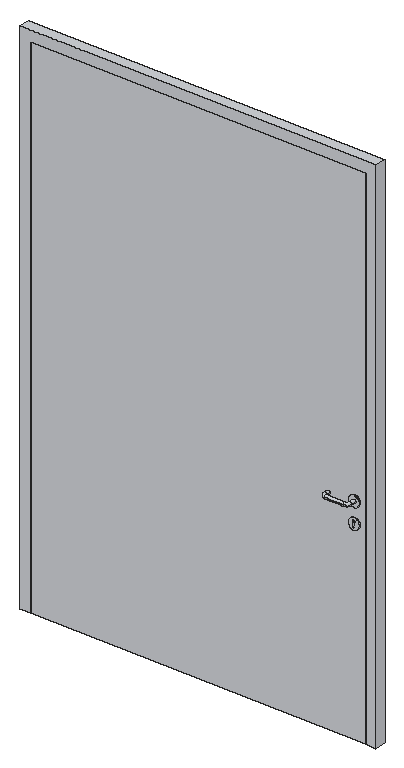
Revit family "CP.DR_1HI_Hinged Door", category Doors, Revit 2021
Family settings
  OmniClass Number = 23.25.20.14.11.11.17
  OmniClass Title = Infill Panels
  Always vertical = Yes
  Cut with Voids When Loaded = No
  Shared = No
  Room Calculation Point = Yes
Parameters (values of type "50_Off0_DS")
  YN_PanicBar = no
  YN_Opening_DoubleSide = yes
  YN_Handle_Internal = yes
  YN_Handle_External = yes
  Thickness = 0 mm  # constant formula
  TX_TypeCode = ""
  TX_Host [instance] = ""
  MA_Panel = none
  MA_Handle = none
  MA_Frame = none
  Function = Interior
  Description = "Porta a un'anta a battente va e vieni."
  Define Thermal Properties by = Schematic Type
  DI_Width_Rough [instance] = 1663.754 mm
  DI_Width_Clear [instance] = DI_Width  # 1563.754 mm
  DI_Width [instance] = DI_Width_Rough - (DI_Frame_Width * 2)  # 1563.754 mm
  DI_Panel_Width [instance] = DI_Width  # 1563.754 mm
  DI_Panel_Thickness = 50 mm
  DI_Panel_OffsetYC = 300 mm + DI_Panel_OffsetY  # 300 mm
  DI_Panel_OffsetY = 0 mm
  DI_Panel_Height [instance] = DI_Height  # 2388.4 mm
  DI_Opening_Angle = 90.00°
  DI_Height_Rough [instance] = 2438.4 mm
  DI_Height_Clear [instance] = DI_Height  # 2388.4 mm
  DI_Height [instance] = DI_Height_Rough - DI_Frame_Width  # 2388.4 mm
  DI_Handle_OffsetZ = 1000 mm
  DI_Handle_OffsetX = 50 mm
  DI_Frame_Width = 50 mm
  DI_Frame_Thickness = 50 mm
  DI_Angle = 0.00°
  Analytic Construction = "<None>"
Types (6, lengths in mm): name | YN_PanicBar | YN_Opening_DoubleSide | YN_Handle_Internal | Description | DI_Panel_OffsetYC | DI_Panel_OffsetY
  50_Off0_DS | no | yes | yes | "Porta a un'anta a battente va e vieni." | 300 | 0
  50_Off150_DS | no | yes | yes | "Porta a un'anta a battente va e vieni." | 450 | 150
  50_Off0_PB | yes | no | no | "Porta a un'anta a battente, con maniglione." | 300 | 0
  50_Off0 | no | no | yes | "Porta a un'anta a battente." | 300 | 0
  50_Off150 | no | no | yes | "Porta a un'anta a battente." | 450 | 150
  50_Off150_PB | yes | no | no | "Porta a un'anta a battente, con maniglione." | 450 | 150
Reference planes
  plane 1 "Front": y = 0
  plane 2: z = 0
  plane 3 "Center (Left/Right)": x = 0
  plane 4 "Left": x = -831.877
  plane 5 "Right": x = 831.877
  plane 6 "Top": z = 2438.4
  plane 7 "Front Panel": y = 0
  plane 8 "Back Panel": y = 50
  plane 9 "MidllePanel": y = 25
  plane 10 "Panel Right": x = 781.877
  plane 11 "Panel Left": x = -781.877
  plane 12 "Origin offset": y = -300
Lines and regions (mm)
  reference lines
    curve 1: line (-781.877, 50, 0) -> (-781.877, 690, 0)
    curve 2: line (-781.877, 0, 0) -> (-781.877, -640, 0)
    curve 3: line (-781.877, 50, 0) -> (-121.877, 50, 0)
Text (mm)
  text "Exterior" at (-1379.057, 797.241, 0), in view "Ref. Level"
  text "Exterior" at (12192, 1055.114, 2275.943), in view "Right"
  text "Exterior" at (-6096, 1468.734, 2687.031), in view "Left"
Dimensions and locks
  equal spacing: plane 4 "Left", plane 3 "Center (Left/Right)", plane 5 "Right"
  "DI_Panel_Thickness": plane 8 "Back Panel" to plane 7 "Front Panel"
  equal spacing: plane 8 "Back Panel", plane 9 "MidllePanel", plane 7 "Front Panel"
  "DI_Width_Rough": plane 4 "Left" to plane 5 "Right"
  "DI_Height_Rough": plane 2 to plane 6 "Top"
  "DI_Frame_Width": plane 10 "Panel Right" to plane 5 "Right"
  "DI_Frame_Width": plane 4 "Left" to plane 11 "Panel Left"
  locked: plane 1 "Front" to plane 12 "Origin offset" at 300
  "DI_Panel_OffsetYC": plane 7 "Front Panel" to plane 12 "Origin offset"
  "DI_Opening_Angle": angle plane 8 "Back Panel" to curve 1
  "DI_Opening_Angle": angle curve 2 to plane 7 "Front Panel"
  "DI_Angle": angle plane 8 "Back Panel" to curve 3
  aligned and locked: level to plane 2
  aligned and locked: plane 8 "Back Panel" to curve 1
  aligned and locked: plane 7 "Front Panel" to curve 2
  aligned and locked: plane 8 "Back Panel" to curve 3
  aligned and locked: plane 3 "Center (Left/Right)" to nested 7
  aligned and locked: plane 11 "Panel Left" to curve 3
  aligned and locked: plane 11 "Panel Left" to curve 1
  aligned and locked: plane 11 "Panel Left" to curve 2
  aligned and locked: nested 7 to plane 9 "MidllePanel"
Nested families
  nested 1: "DR.PN_Hinged Panel" at (-931.877, 831.877, 0) x (0, 1, 0) z (0, 0, 1), DI_Panel_Thickness <- "DI_Panel_Thickness", DI_Panel_Width <- "DI_Panel_Width", DI_Panel_Height <- "DI_Panel_Height", type "Hinged_Projection"
    with YN_Opening_DoubleSide no, Thickness 0 mm, MA_Panel none, DI_Panel_Width 1563.754 mm, DI_Panel_Thickness 50 mm, DI_Panel_OffsetY 0 mm, DI_Panel_Height 2388.4 mm, DI_Opening_Projection_Angle 90.00°
  nested 2: "DR.PN_Hinged Panel" at (0, 200, 0), DI_Opening_Projection_Angle <- "DI_Opening_Angle", DI_Panel_Height <- "DI_Panel_Height", DI_Panel_Thickness <- "DI_Panel_Thickness", DI_Panel_Width <- "DI_Panel_Width", MA_Panel <- "MA_Panel", YN_Opening_DoubleSide <- "YN_Opening_DoubleSide", type "Hinged"
    with YN_Opening_DoubleSide yes, Thickness 0 mm, MA_Panel none, DI_Panel_Width 1563.754 mm, DI_Panel_Thickness 50 mm, DI_Panel_OffsetY 0 mm, DI_Panel_Height 2388.4 mm, DI_Opening_Projection_Angle 90.00°
  nested 3: "DR.PN_Hinged Panel" at (-631.877, -781.877, 0) x (0, -1, 0) z (0, 0, 1), DI_Panel_Height <- "DI_Panel_Height", DI_Panel_Thickness <- "DI_Panel_Thickness", DI_Panel_Width <- "DI_Panel_Width", visible <- "YN_Opening_DoubleSide", DI_Panel_OffsetY <- "DI_Panel_Thickness", type "Hinged_Projection"
    with YN_Opening_DoubleSide no, Thickness 0 mm, MA_Panel none, DI_Panel_Width 1563.754 mm, DI_Panel_Thickness 50 mm, DI_Panel_OffsetY 50 mm, DI_Panel_Height 2388.4 mm, DI_Opening_Projection_Angle 45.00°
  nested 4: "DR.HA_Handle_DlineU_HW" at (-643.483, 0, 0) x (0, -1, 0) z (0, 0, 1), DI_Panel_Height <- "DI_Panel_Height", DI_Panel_OffsetY <- "DI_Panel_Thickness", DI_Panel_Thickness <- "DI_Panel_Thickness", DI_Panel_Width <- "DI_Panel_Width", YN_Handle_External <- "YN_Handle_External", YN_Handle_Internal <- "YN_Handle_Internal", DI_Handle_OffsetX <- "DI_Handle_OffsetX", visible <- "YN_Opening_DoubleSide", type "Projection"
    with YN_Opening_Pivot no, YN_Handle_Internal yes, YN_Handle_External yes, MA_Handle none, DI_Panel_Width 1563.754 mm, DI_Panel_Thickness 50 mm, DI_Panel_OffsetYC 50 mm, DI_Panel_OffsetY 50 mm, DI_Panel_Height 2388.4 mm, DI_Handle_OffsetZ 1000 mm, DI_Handle_OffsetX 50 mm
  nested 5: "DR.HA_Handle_DlineU_HW" at (-920.271, 50, 0) x (0, 1, 0) z (0, 0, 1), DI_Panel_Thickness <- "DI_Panel_Thickness", DI_Panel_Width <- "DI_Panel_Width", DI_Panel_Height <- "DI_Panel_Height", YN_Handle_External <- "YN_Handle_External", YN_Handle_Internal <- "YN_Handle_Internal", DI_Handle_OffsetX <- "DI_Handle_OffsetX", type "Projection"
    with YN_Opening_Pivot no, YN_Handle_Internal yes, YN_Handle_External yes, MA_Handle none, DI_Panel_Width 1563.754 mm, DI_Panel_Thickness 50 mm, DI_Panel_OffsetYC 0 mm, DI_Panel_OffsetY 0 mm, DI_Panel_Height 2388.4 mm, DI_Handle_OffsetZ 1000 mm, DI_Handle_OffsetX 50 mm
  nested 6: "DR.HA_Handle_DlineU_HW" at (-781.877, 188.394, 0), DI_Panel_Height <- "DI_Panel_Height", DI_Panel_Thickness <- "DI_Panel_Thickness", DI_Panel_Width <- "DI_Panel_Width", YN_Handle_External <- "YN_Handle_External", YN_Handle_Internal <- "YN_Handle_Internal", DI_Handle_OffsetZ <- "DI_Handle_OffsetZ", DI_Handle_OffsetX <- "DI_Handle_OffsetX", MA_Handle <- "MA_Handle", type "Cut"
    with YN_Opening_Pivot no, YN_Handle_Internal yes, YN_Handle_External yes, MA_Handle none, DI_Panel_Width 1563.754 mm, DI_Panel_Thickness 50 mm, DI_Panel_OffsetYC 0 mm, DI_Panel_OffsetY 0 mm, DI_Panel_Height 2388.4 mm, DI_Handle_OffsetZ 1000 mm, DI_Handle_OffsetX 50 mm
  nested 7: "DR.FR_Generic Frame" at (0, 25, 0), DI_Width <- "DI_Width_Rough", DI_Height <- "DI_Height_Rough", DI_Frame_Width <- "DI_Frame_Width", DI_Frame_Thickness <- "DI_Frame_Thickness", MA_Frame <- "MA_Frame", type "0"
    with built-in parameter 1001301 0 mm, Thickness 0 mm, MA_Frame none, built-in parameter 1001300 0 mm, DI_Width 1663.754 mm, DI_Height 2438.4 mm, DI_Frame_Width 50 mm, DI_Frame_Thickness 50 mm
  nested 8: "DR.HA_Handle_Panicbar_HW" at (-853.374, 50, 0) x (0, 1, 0) z (0, 0, 1), DI_Panel_Thickness <- "DI_Panel_Thickness", DI_Panel_Width <- "DI_Panel_Width", YN_Handle_Internal <- "YN_PanicBar", type "Projection"
    with YN_Handle_Internal no, YN_Handle_External no, MA_Handle none, DI_Panel_Width 1563.754 mm, DI_Panel_Thickness 50 mm, DI_Panel_OffsetYC 0 mm, DI_Panel_OffsetY 0 mm, DI_Handle_OffsetZ 1000 mm, DI_Handle_OffsetX 781.877 mm
  nested 9: "DR.HA_Handle_Panicbar_HW" at (-781.877, 121.497, 0), DI_Panel_Thickness <- "DI_Panel_Thickness", DI_Panel_Width <- "DI_Panel_Width", DI_Handle_OffsetZ <- "DI_Handle_OffsetZ", YN_Handle_Internal <- "YN_PanicBar", type "Cut"
    with YN_Handle_Internal no, YN_Handle_External no, MA_Handle none, DI_Panel_Width 1563.754 mm, DI_Panel_Thickness 50 mm, DI_Panel_OffsetYC 0 mm, DI_Panel_OffsetY 0 mm, DI_Handle_OffsetZ 1000 mm, DI_Handle_OffsetX 781.877 mm
  nested 10: "DR.HA_Handle_Panicbar_HW" at (-710.38, 0, 0) x (0, -1, 0) z (0, 0, 1), DI_Panel_Thickness <- "DI_Panel_Thickness", DI_Panel_Width <- "DI_Panel_Width", visible <- "YN_Opening_DoubleSide", DI_Panel_OffsetY <- "DI_Panel_Thickness", YN_Handle_Internal <- "YN_PanicBar", type "Projection"
    with YN_Handle_Internal no, YN_Handle_External no, MA_Handle none, DI_Panel_Width 1563.754 mm, DI_Panel_Thickness 50 mm, DI_Panel_OffsetYC 50 mm, DI_Panel_OffsetY 50 mm, DI_Handle_OffsetZ 1000 mm, DI_Handle_OffsetX 781.877 mm
Definition of nested family "DR.PN_Hinged Panel"
  Parameters (values of type "HingedVasistas")
    YN_Swing = not(YN_Panel_Projection)  # yes
    YN_Panel_Projection = no
    YN_Panel = not(YN_Panel_Projection)  # yes
    YN_Opening_Vasistas = yes
    YN_Opening_DoubleSide [instance] = no
    YN_3D = not(YN_Panel_Projection)  # yes
    Width = 0 mm  # constant formula
    Thickness [instance] = 0 mm  # constant formula
    Rough Width = 0 mm  # constant formula
    Rough Height = 0 mm  # constant formula
    MA_Panel [instance] = none
    Height = 0 mm  # constant formula
    Define Thermal Properties by = 1
    Default Elevation = 0 mm  # constant formula
    DI_Panel_Width [instance] = 1000 mm
    DI_Panel_Thickness [instance] = 100 mm
    DI_Panel_OffsetY [instance] = 0 mm
    DI_Panel_Height [instance] = 2100 mm
    DI_Opening_Projection_Angle [instance] = 60.00°
    Analytic Construction = "<None>"
  Types (3, lengths in mm): name | YN_Swing | YN_Panel_Projection | YN_Panel | YN_Opening_Vasistas | YN_3D | DI_Panel_Width | DI_Opening_Projection_Angle
    Hinged | yes | no | yes | no | yes | 800 | 90.00°
    HingedVasistas | yes | no | yes | yes | yes | 1000 | 60.00°
    Hinged_Projection | no | yes | no | no | no | 800 | 45.00°
  Reference planes
    plane 1 "Center (Front/Back)": y = -200
    plane 2: z = 0
    plane 3 "Center (Left/Right)": x = 0
    plane 4 "Left": x = -500
    plane 5 "Right": x = 500
    plane 6 "FrontPanel": y = -250
    plane 7 "Top": z = 2100
    plane 8: z = 1050
    plane 9 "BackPanel": y = -150
    plane 10 "SwingVasistas": y = -400
    plane 11: y = -150
  Forms (mm)
    Extrusion 1, solid, material <- "MA_Panel", visible <- "YN_3D"
      sketch origin (1340, 700, 0) x (1, 0, 0) y (0, 1, 0)
        loop
          line (-1840, -950) -> (-840, -950) -> (-840, -850) -> (-1840, -850) -> (-1840, -950)
      from 0 to 2100
  Lines and regions (mm)
    Masking region 1, visible <- "YN_Panel"
      outline origin (0, 0, 0) x (1, 0, 0) y (0, 1, 0)
        loop
          line (-500, -250) -> (500, -250) -> (500, -150) -> (-500, -150) -> (-500, -250)
    Masking region 2, visible <- "YN_Opening_Vasistas"
      outline origin (0, 0, 0) x (1, 0, 0) y (0, 1, 0)
        loop
          line (-500, -250) -> (500, -250) -> (500, -150) -> (-500, -150) -> (-500, -250)
    reference lines
      curve 1: line (-500, -150, 0) -> (-100, 542.82, 0)
      curve 10: line (-500, -250, 0) -> (-95, -951.481, 0)
    model lines, visible <- "YN_Opening_Vasistas"
      curve 2: line (-500, -150, 0) -> (0, -150, 2100)
      curve 3: line (0, -150, 2100) -> (500, -150, 0)
      curve 4: line (-500, -250, 0) -> (0, -250, 2100)
      curve 5: line (0, -250, 2100) -> (500, -250, 0)
      curve 19: line (-500, -250, 0) -> (0, -250, 2100)
      curve 20: line (0, -250, 2100) -> (500, -250, 0)
      curve 24: line (-500, -250, 0) -> (500, -250, 0)
      curve 25: line (-500, -400, 0) -> (-500, -250, 0)
      curve 26: line (500, -400, 0) -> (-500, -400, 0)
      curve 27: line (500, -250, 0) -> (500, -400, 0)
      curve 28: line (-500, -250, 0) -> (0, -400, 0)
      curve 29: line (0, -400, 0) -> (500, -250, 0)
    model lines, visible <- "YN_Panel"
      curve 6: line (-500, -250, 2100) -> (500, -250, 1050)
      curve 7: line (-500, -250, 0) -> (500, -250, 1050)
    model lines, visible <- "YN_Swing"
      curve 8: line (-500, -150, 2100) -> (500, -150, 1050)
      curve 9: line (500, -150, 1050) -> (-500, -150, 0)
      curve 21: line (-500, -250, 2100) -> (500, -250, 1050)
      curve 22: line (500, -250, 1050) -> (-500, -250, 0)
    symbolic lines, visible <- "YN_Swing"
      curve 11: line (-500, -150, 0) -> (0, 716.025, 0)
      curve 13: arc (500, -150, 0) -> (366.025, 350, 0) -> (0, 716.025, 0) r 1000
    symbolic lines, visible <- "YN_Opening_DoubleSide"
      curve 12: line (-500, -250, 0) -> (0, -1116.025, 0)
      curve 14: arc (500, -250, 0) -> (366.025, -750, 0) -> (0, -1116.025, 0) r 1000
    symbolic lines, visible <- "YN_Panel_Projection", detail levels medium+fine
      curve 15: line (-500, -250, 0) -> (-500, -150, 0)
      curve 16: line (500, -150, 0) -> (500, -250, 0)
      curve 18: line (-500, -250, 0) -> (500, -250, 0)
    symbolic lines, visible <- "YN_Panel_Projection"
      curve 17: line (-500, -150, 0) -> (500, -150, 0)
      curve 23: line (-500, -250, 0) -> (500, -250, 0)
  Dimensions and locks
    "DI_Panel_Width": plane 4 "Left" to plane 5 "Right"
    equal spacing: plane 4 "Left", plane 3 "Center (Left/Right)", plane 5 "Right"
    "DI_Panel_Thickness": plane 6 "FrontPanel" to plane 9 "BackPanel"
    "DI_Panel_Height": plane 7 "Top" to plane 2
    equal spacing: plane 7 "Top", plane 8, plane 2
    equal spacing: plane 6 "FrontPanel", plane 1 "Center (Front/Back)", plane 9 "BackPanel"
    locked: plane 6 "FrontPanel" to plane 10 "SwingVasistas" at 150
    "DI_Panel_OffsetY": plane 11 to plane 9 "BackPanel"
    "DI_Opening_Projection_Angle": angle plane 9 "BackPanel" to curve 1
    "DI_Opening_Projection_Angle": angle curve 10 to plane 6 "FrontPanel"
    aligned and locked: level to plane 2
    aligned and locked: plane 4 "Left" to curve 1
    aligned and locked: plane 9 "BackPanel" to curve 1
    aligned and locked: plane 4 "Left" to Masking region 1
    aligned and locked: plane 9 "BackPanel" to Masking region 1
    aligned and locked: plane 5 "Right" to Masking region 1
    aligned and locked: Masking region 1 to plane 6 "FrontPanel"
    aligned and locked: Masking region 2 sketch curve to plane 4 "Left"
    aligned and locked: Masking region 2 sketch curve to plane 9 "BackPanel"
    aligned and locked: Masking region 2 sketch curve to plane 6 "FrontPanel"
    aligned and locked: plane 5 "Right" to Masking region 2 sketch curve
    aligned and locked: plane 4 "Left" to Extrusion 1
    aligned and locked: plane 9 "BackPanel" to Extrusion 1
    aligned and locked: plane 5 "Right" to Extrusion 1
    aligned and locked: Extrusion 1 to plane 6 "FrontPanel"
    aligned and locked: plane 7 "Top" to Extrusion 1
    aligned and locked: plane 6 "FrontPanel" to curve 10
    aligned and locked: plane 4 "Left" to curve 10
    aligned and locked: curve 11 to curve 1
    aligned and locked: curve 12 to curve 10
    aligned and locked: curve 13 to curve 1
    aligned and locked: curve 17 to plane 9 "BackPanel"
    aligned and locked: curve 24 to plane 6 "FrontPanel"
    aligned and locked: curve 25 to plane 4 "Left"
    aligned and locked: curve 26 to plane 10 "SwingVasistas"
    aligned and locked: curve 27 to plane 5 "Right"
  Automatic sketch dimensions
    curve 6 to plane 5 "Right" = 0 mm
    curve 5 to level = 0 mm
    curve 5 to plane 5 "Right" = 0 mm
    curve 5 to plane 3 "Center (Left/Right)" = 0 mm
    curve 7 to level = 0 mm
    plane 4 "Left" to curve 7 = 0 mm
    plane 4 "Left" to curve 6 = 0 mm
    curve 6 to plane 8 = 0 mm
    curve 6 to plane 7 "Top" = 0 mm
    curve 5 to plane 7 "Top" = 0 mm
    curve 8 to plane 5 "Right" = 0 mm
    curve 3 to level = 0 mm
    curve 3 to plane 5 "Right" = 0 mm
    curve 3 to plane 3 "Center (Left/Right)" = 0 mm
    plane 4 "Left" to curve 8 = 0 mm
    curve 9 to level = 0 mm
    plane 4 "Left" to curve 9 = 0 mm
    curve 8 to plane 8 = 0 mm
    curve 8 to plane 7 "Top" = 0 mm
    curve 3 to plane 7 "Top" = 0 mm
    Masking region 1 sketch curve to plane 4 "Left" = 0 mm
    Masking region 1 sketch curve to plane 5 "Right" = 0 mm
    Masking region 1 sketch curve to plane 6 "FrontPanel" = 0 mm
    Masking region 1 sketch curve to plane 9 "BackPanel" = 0 mm
    Extrusion 1 sketch curve to plane 4 "Left" = 0 mm
    Extrusion 1 sketch curve to plane 5 "Right" = 0 mm
    Extrusion 1 sketch curve to plane 6 "FrontPanel" = 0 mm
    Extrusion 1 sketch curve to plane 9 "BackPanel" = 0 mm
    curve 13 to plane 4 "Left" = 0 mm
    curve 14 to plane 4 "Left" = 0 mm
    curve 28 to plane 3 "Center (Left/Right)" = 0 mm
    curve 21 to plane 5 "Right" = 0 mm
    curve 20 to level = 0 mm
    curve 20 to plane 5 "Right" = 0 mm
    curve 20 to plane 3 "Center (Left/Right)" = 0 mm
    plane 4 "Left" to curve 21 = 0 mm
    curve 22 to level = 0 mm
    plane 4 "Left" to curve 22 = 0 mm
    curve 21 to plane 8 = 0 mm
    curve 21 to plane 7 "Top" = 0 mm
    curve 20 to plane 7 "Top" = 0 mm
Definition of nested family "DR.HA_Handle_DlineU_HW"
  Parameters (values of type "Cut")
    YN_Opening_Pivot [instance] = no
    YN_Handle_Internal [instance] = yes
    YN_Handle_External [instance] = yes
    MA_Handle [instance] = none
    Handle = DR.HA_Handle_DlineU : Cut
    Define Thermal Properties by = 1
    Default Elevation = 0 mm  # constant formula
    DI_Panel_Width [instance] = 900 mm
    DI_Panel_Thickness [instance] = 40 mm
    DI_Panel_OffsetYC [instance] = if(YN_Opening_Pivot, (DI_Panel_Thickness / 2), DI_Panel_OffsetY)  # 0 mm
    DI_Panel_OffsetY [instance] = 0 mm
    DI_Panel_Height [instance] = 2148.093 mm
    DI_Handle_OffsetZ [instance] = 1000 mm
    DI_Handle_OffsetX [instance] = 50 mm
    Analytic Construction = "<None>"
  Types (2, lengths in mm): name | YN_Opening_Pivot | Handle | DI_Panel_OffsetYC
    Projection | yes | DR.HA_Handle_DlineU : Projection | 20
    Cut | no | DR.HA_Handle_DlineU : Cut | 0
  Reference planes
    plane 1 "Panel_Ext": y = -138.394
    plane 2: z = 0
    plane 3 "Center (Left/Right)": x = 0
    plane 4 "Panel_Int": y = -178.394
    plane 5: z = 1000
    plane 6: x = 900
    plane 7: x = 850
    plane 8: z = 2148.093
    plane 9 "Origin": y = -138.394
  Lines and regions (mm)
    symbolic lines, detail levels coarse
      curve 1: line (0, -178.394, 0) -> (0, -138.394, 0)
  Dimensions and locks
    "DI_Panel_Thickness": plane 4 "Panel_Int" to plane 1 "Panel_Ext"
    "DI_Handle_OffsetZ": plane 2 to plane 5
    "DI_Panel_Width": plane 6 to plane 3 "Center (Left/Right)"
    "DI_Handle_OffsetX": plane 6 to plane 7
    "DI_Panel_Height": plane 8 to level
    "DI_Panel_OffsetYC": plane 9 "Origin" to plane 1 "Panel_Ext"
    aligned and locked: plane 2 to level
    aligned and locked: plane 7 to nested 2
    aligned and locked: nested 1 to plane 7
    aligned and locked: plane 4 "Panel_Int" to nested 1
    aligned and locked: plane 1 "Panel_Ext" to nested 2
  Automatic sketch dimensions
    plane 1 "Panel_Ext" to curve 1 = 0 mm
    curve 1 to plane 3 "Center (Left/Right)" = 0 mm
    plane 4 "Panel_Int" to curve 1 = 0 mm
  Nested families
    nested 1: "DR.HA_Handle_DlineU" at (850, -178.394, 1000), built-in parameter 1001364 <- "DI_Handle_OffsetZ", visible <- "YN_Handle_Internal", MA_Handle <- "MA_Handle", type <- "Handle", type "Cut"
      with MA_Handle none
    nested 2: "DR.HA_Handle_DlineU" at (850, -138.394, 1000), built-in parameter 1001364 <- "DI_Handle_OffsetZ", visible <- "YN_Handle_External", MA_Handle <- "MA_Handle", type <- "Handle", type "Cut"
      with MA_Handle none
  Definition of nested family "DR.HA_Handle_DlineU"
    Parameters (values of type "Cut")
      YN_Graphics_Projection = no
      YN_Graphics_Cut = yes
      YN_3D = yes
      MA_Handle [instance] = none
      Define Thermal Properties by = 1
      Default Elevation = 0 mm  # constant formula
      Analytic Construction = "<None>"
    Types (2, lengths in mm): name | YN_Graphics_Projection | YN_Graphics_Cut | YN_3D
      Cut | no | yes | yes
      Projection | yes | no | no
    Reference planes
      plane 1 "Center (Front/Back)": y = 0
      plane 2: z = 0
      plane 3 "Center (Left/Right)": x = 0
    Forms (mm)
      Extrusion 1, solid, material <- "MA_Handle", visible <- "YN_3D"
        sketch origin (-0.15, 0, 0) x (1, 0, 0) y (0, 0, 1)
          loop
            circle (0, 0) r 25
        from 0 to 4
      Extrusion 2, solid, material <- "MA_Handle", visible <- "YN_3D", detail levels medium+fine
        sketch origin (-0.15, 0, -194.519) x (1, 0, 0) y (0, 0, 1)
          loop
            circle (0, 99.519) r 25
        from 0 to 4
      Extrusion 3, void, detail levels medium+fine
        sketch origin (-0.15, -15, 0) x (1, 0, 0) y (0, 0, 1)
          loop
            line (-3.787, -93.841) -> (-3.787, -107.646)
            arc (-3.787, -107.646) -> (0, -111.433) -> (3.787, -107.646) r 3.787
            line (3.787, -107.646) -> (3.787, -94.007)
            arc (3.787, -94.007) -> (0.321, -79.308) -> (-3.787, -93.841) r 7.8
        from -15 to 0
      Sweep 4, solid, material <- "MA_Handle", visible <- "YN_3D"
        path origin (0, 0, 0) x (1, 0, 0) y (0, 1, 0)
          loop
            line (-116, -10) -> (-116, -28)
            arc (-116, -28) -> (-111.899, -37.899) -> (-102, -42) r 14
            line (-102, -42) -> (-14, -42)
            arc (-14, -42) -> (-4.101, -37.899) -> (0, -28) r 14
            line (0, -28) -> (0, 0)
        profile origin (-58, -42, 0) x (0, 1, 0) y (0, 0, 1)
          loop
            circle (0, 0) r 7
    Cuts and joins
      Extrusion 3 cuts Extrusion 2
      joined: Extrusion 1, Sweep 4
    Lines and regions (mm)
      Masking region 1, visible <- "YN_Graphics_Cut"
        outline origin (0, 0, 0) x (1, 0, 0) y (0, 1, 0)
          loop
            line (-25.15, 0) -> (-25.15, -4) -> (-7, -4) -> (-7, -27.995)
            arc (-7, -27.995) -> (-9.05, -32.945) -> (-14, -34.995) r 7
            line (-14, -34.995) -> (-102, -34.995)
            arc (-102, -34.995) -> (-106.95, -32.945) -> (-109, -27.995) r 7
            line (-109, -27.995) -> (-109, -10) -> (-123, -10) -> (-123, -28.195)
            arc (-123, -28.195) -> (-116.908, -42.903) -> (-102.2, -48.995) r 20.8
            line (-102.2, -48.995) -> (-13.8, -48.995)
            arc (-13.8, -48.995) -> (0.908, -42.903) -> (7, -28.195) r 20.8
            line (7, -28.195) -> (7, -4) -> (24.85, -4) -> (24.85, 0) -> (-25.15, 0)
      symbolic lines, visible <- "YN_Graphics_Projection", detail levels medium+fine
        curve 1: line (-25.15, 0, 0) -> (24.85, 0, 0)
        curve 2: line (-25.15, -4, 0) -> (-7, -4, 0)
        curve 3: line (-25.15, -4, 0) -> (-25.15, 0, 0)
        curve 4: line (24.85, -4, 0) -> (24.85, 0, 0)
        curve 5: line (-102, -34.995, 0) -> (-14, -34.995, 0)
        curve 6: line (-7, -27.995, 0) -> (-7, -4, 0)
        curve 7: line (7, -28.195, 0) -> (7, -4, 0)
        curve 8: line (-13.8, -48.995, 0) -> (-102.2, -48.995, 0)
        curve 9: line (7, -4, 0) -> (24.85, -4, 0)
        curve 10: line (-123, -10, 0) -> (-109, -10, 0)
        curve 11: line (-109, -27.995, 0) -> (-109, -10, 0)
        curve 12: line (-123, -10, 0) -> (-123, -28.195, 0)
        curve 13: arc (-14, -34.995, 0) -> (-9.05, -32.945, 0) -> (-7, -27.995, 0) r 7
        curve 14: arc (7, -28.195, 0) -> (0.908, -42.903, 0) -> (-13.8, -48.995, 0) r 20.8
        curve 15: arc (-102, -34.995, 0) -> (-106.95, -32.945, 0) -> (-109, -27.995, 0) r 7
        curve 16: arc (-123, -28.195, 0) -> (-116.908, -42.903, 0) -> (-102.2, -48.995, 0) r 20.8
      symbolic lines, visible <- "YN_Graphics_Cut", detail levels medium+fine
        curve 17: line (-7, -4, 0) -> (7, -4, 0)
    Dimensions and locks
      Masking region 1 to Masking region 1 = 50 mm
      aligned and locked: plane 2 to level
      aligned and locked: cut or joined group of Extrusion 2, Extrusion 3 to Sweep 4 sketch curve
Definition of nested family "DR.FR_Generic Frame"
  Parameters (values of type "0")
    Width [instance] = 0 mm  # constant formula
    Thickness [instance] = 0 mm  # constant formula
    MA_Frame [instance] = none
    Height [instance] = 0 mm  # constant formula
    Define Thermal Properties by = 1
    Default Elevation = 0 mm
    DI_Width [instance] = 1200 mm
    DI_Height [instance] = 2100 mm
    DI_Frame_Width [instance] = 80 mm
    DI_Frame_Thickness [instance] = 150 mm
    Analytic Construction = "<None>"
  Reference planes
    plane 1 "Center (Front/Back)": y = 0
    plane 2: z = 0
    plane 3 "Center (Left/Right)": x = 0
    plane 4 "Left": x = -600
    plane 5 "Right": x = 600
    plane 6 "FrontFrame": y = -75
    plane 7 "Top": z = 2100
    plane 8: z = 1050
    plane 9: x = -520
    plane 10: x = 520
    plane 11 "BackFrame": y = 75
  Forms (mm)
    Sweep 1, solid, material <- "MA_Frame"
      path origin (0, -75, 0) x (-1, 0, 0) y (0, 0, 1)
        loop
          line (600, 0) -> (600, 2100) -> (-600, 2100) -> (-600, 0)
      profile origin (-600, -75, 1050) x (1, 0, 0) y (0, 1, 0)
        loop
          line (80, 150) -> (0, 150) -> (0, 0) -> (80, 0) -> (80, 150)
  Lines and regions (mm)
    Masking region 1
      outline origin (0, 0, 0) x (1, 0, 0) y (0, 1, 0)
        loop
          line (-600, -75) -> (-520, -75) -> (-520, 75) -> (-600, 75) -> (-600, -75)
    Masking region 2
      outline origin (0, 0, 0) x (1, 0, 0) y (0, 1, 0)
        loop
          line (600, -75) -> (600, 75) -> (520, 75) -> (520, -75) -> (600, -75)
  Dimensions and locks
    "DI_Width": plane 4 "Left" to plane 5 "Right"
    equal spacing: plane 4 "Left", plane 3 "Center (Left/Right)", plane 5 "Right"
    "DI_Frame_Thickness": plane 6 "FrontFrame" to plane 11 "BackFrame"
    "DI_Height": plane 7 "Top" to plane 2
    equal spacing: plane 7 "Top", plane 8, plane 2
    "DI_Frame_Width": plane 4 "Left" to plane 9
    "DI_Frame_Width": plane 10 to plane 5 "Right"
    equal spacing: plane 6 "FrontFrame", plane 1 "Center (Front/Back)", plane 11 "BackFrame"
    aligned and locked: level to plane 2
    aligned and locked: plane 4 "Left" to Sweep 1 sketch curve
    aligned and locked: plane 7 "Top" to Sweep 1 sketch curve
    aligned and locked: Sweep 1 sketch curve to plane 5 "Right"
    aligned and locked: plane 2 to Sweep 1 sketch curve  (x2)
    aligned and locked: Sweep 1 sketch curve to plane 9
    aligned and locked: Sweep 1 sketch curve to plane 6 "FrontFrame"
    aligned and locked: Sweep 1 sketch curve to plane 4 "Left"
    aligned and locked: Masking region 1 sketch curve to plane 4 "Left"
    aligned and locked: Masking region 1 sketch curve to plane 9
    aligned and locked: Masking region 1 sketch curve to plane 6 "FrontFrame"
    aligned and locked: plane 5 "Right" to Masking region 2 sketch curve
    aligned and locked: Masking region 2 sketch curve to plane 10
    aligned and locked: Masking region 2 sketch curve to plane 6 "FrontFrame"
    aligned and locked: plane 11 "BackFrame" to Masking region 1
    aligned and locked: plane 11 "BackFrame" to Masking region 2
    aligned and locked: plane 11 "BackFrame" to Sweep 1 sketch curve
  Automatic sketch dimensions
    Masking region 1 sketch curve to plane 1 "Center (Front/Back)" = 75 mm
    Masking region 2 sketch curve to plane 1 "Center (Front/Back)" = 75 mm
Definition of nested family "DR.HA_Handle_Panicbar_HW"
  Parameters (values of type "Projection")
    YN_Opening_Pivot = no
    YN_Handle_Internal [instance] = yes
    YN_Handle_External [instance] = no
    MA_Handle [instance] = none
    Handle = DR.HA_Handle_Panicbar : Projection
    Define Thermal Properties by = 1
    Default Elevation = 0 mm  # constant formula
    DI_Panel_Width [instance] = 900 mm
    DI_Panel_Thickness [instance] = 40 mm
    DI_Panel_OffsetYC [instance] = if(YN_Opening_Pivot, (DI_Panel_Thickness / 2), DI_Panel_OffsetY)  # 0 mm
    DI_Panel_OffsetY [instance] = 0 mm
    DI_Handle_OffsetZ [instance] = 1000 mm
    DI_Handle_OffsetX [instance] = DI_Panel_Width / 2  # 450 mm
    Analytic Construction = "<None>"
  Types (2, lengths in mm): name | Handle | DI_Panel_Width | DI_Handle_OffsetX
    Projection | DR.HA_Handle_Panicbar : Projection | 900 | 450
    Cut | DR.HA_Handle_Panicbar : Cut | 800 | 400
  Reference planes
    plane 1 "Panel_Ext": y = -71.497
    plane 2: z = 0
    plane 3 "Center (Left/Right)": x = 0
    plane 4 "Panel_Int": y = -111.497
    plane 5: z = 1000
    plane 6: x = 900
    plane 7: x = 450
    plane 8 "Origin": y = -71.497
  Lines and regions (mm)
    symbolic lines, detail levels coarse
      curve 1: line (0, -111.497, 0) -> (0, -71.497, 0)
  Dimensions and locks
    "DI_Panel_Thickness": plane 4 "Panel_Int" to plane 1 "Panel_Ext"
    "DI_Handle_OffsetZ": plane 2 to plane 5
    "DI_Panel_Width": plane 6 to plane 3 "Center (Left/Right)"
    "DI_Handle_OffsetX": plane 6 to plane 7
    "DI_Panel_OffsetYC": plane 1 "Panel_Ext" to plane 8 "Origin"
    aligned and locked: plane 2 to level
    aligned and locked: plane 4 "Panel_Int" to nested 1
    aligned and locked: nested 1 to plane 7
  Automatic sketch dimensions
    plane 1 "Panel_Ext" to curve 1 = 0 mm
    curve 1 to plane 3 "Center (Left/Right)" = 0 mm
    plane 4 "Panel_Int" to curve 1 = 0 mm
  Nested families
    nested 1: "DR.HA_Handle_Panicbar" at (450, -111.497, 1000), visible <- "YN_Handle_Internal", built-in parameter 1001364 <- "DI_Handle_OffsetZ", type <- "Handle", DI_Width <- "DI_Panel_Width", type "Projection"
      with DI_Width 900 mm
  Definition of nested family "DR.HA_Handle_Panicbar"
    Parameters (values of type "Cut")
      YN_Graphics_Projection = no
      YN_Graphics_Cut = yes
      YN_3D = yes
      Width = 0 mm  # constant formula
      Thickness = 0 mm  # constant formula
      Rough Width = 0 mm  # constant formula
      Rough Height = 0 mm  # constant formula
      MA_Material = none
      Height = 0 mm  # constant formula
      Define Thermal Properties by = 1
      Default Elevation = 0 mm
      DI_Width [instance] = 1000 mm
      Analytic Construction = "<None>"
    Types (3, lengths in mm): name | YN_Graphics_Projection | YN_Graphics_Cut | YN_3D
      (no name) | no | yes | yes
      Cut | no | yes | yes
      Projection | yes | no | no
    Reference planes
      plane 1 "Center (Front/Back)": y = 0
      plane 2: z = 0
      plane 3 "Center (Left/Right)": x = 0
      plane 4: x = -445
      plane 5: x = 445
      plane 6: y = -80
      plane 7: x = -495
      plane 8: x = 495
      plane 9: y = -55
      plane 10: y = -52
      plane 11: z = 155.5
      plane 12: z = -25
      plane 13: z = 7.5
      plane 14 "Panel Left": x = -500
      plane 15 "Panel Right": x = 500
      plane 16: x = 451
      plane 17: x = -451
    Forms (mm)
      Extrusion 1, solid, material <- "MA_Material", visible <- "YN_3D"
        sketch origin (0, 0, 12.5) x (0, 1, 0) y (0, 0, 1)
          loop
            circle (-67.5, -25) r 12.5
        from -451 to 451
      Extrusion 2, solid, material <- "MA_Material", visible <- "YN_3D"
        sketch origin (-495, 0, 0) x (0, 1, 0) y (0, 0, 1)
          loop
            line (0, 155.5) -> (-36, 155.5)
            arc (-36, 155.5) -> (-52, 81.5) -> (-36, 7.5) r 179.125
            line (-36, 7.5) -> (0, 7.5) -> (0, 155.5)
        from 0 to 50
      Extrusion 3, solid, material <- "MA_Material", visible <- "YN_3D"
        sketch origin (-459, 0, 0) x (0, 1, 0) y (0, 0, 1)
          loop
            arc (-78.794, -7.142) -> (-72.858, -23.794) -> (-56.206, -17.858) r 12.5
            line (-56.206, -17.858) -> (-39.843, 16.635)
            arc (-39.843, 16.635) -> (-45.853, 34.976) -> (-49.854, 53.858) r 179.125
            line (-49.854, 53.858) -> (-78.794, -7.142)
        from 0 to 8
      Extrusion 4, solid, material <- "MA_Material", visible <- "YN_3D"
        sketch origin (495, 0, 0) x (0, -1, 0) y (0, 0, 1)
          loop
            line (0, 155.5) -> (0, 7.5) -> (36, 7.5)
            arc (36, 7.5) -> (52, 81.5) -> (36, 155.5) r 179.125
            line (36, 155.5) -> (0, 155.5)
        from 0 to 50
      Extrusion 5, solid, material <- "MA_Material", visible <- "YN_3D"
        sketch origin (459, 0, 0) x (0, -1, 0) y (0, 0, 1)
          loop
            line (78.794, -7.142) -> (49.854, 53.858)
            arc (49.854, 53.858) -> (45.853, 34.976) -> (39.843, 16.635) r 179.125
            line (39.843, 16.635) -> (56.206, -17.858)
            arc (56.206, -17.858) -> (72.858, -23.794) -> (78.794, -7.142) r 12.5
        from 0 to 8
      Extrusion 6, solid, material <- "MA_Material", visible <- "YN_3D", not visible
        sketch origin (495, 0, 0) x (0, -1, 0) y (0, 0, 1)
          loop
            line (0, 155.5) -> (0, 7.5) -> (36, 7.5)
            arc (36, 7.5) -> (52, 81.5) -> (36, 155.5) r 179.125
            line (36, 155.5) -> (0, 155.5)
        from 0 to 50
      Extrusion 7, solid, material <- "MA_Material", visible <- "YN_3D", not visible
        sketch origin (459, 0, 0) x (0, -1, 0) y (0, 0, 1)
          loop
            line (78.794, -7.142) -> (49.854, 53.858)
            arc (49.854, 53.858) -> (45.853, 34.976) -> (39.843, 16.635) r 179.125
            line (39.843, 16.635) -> (56.206, -17.858)
            arc (56.206, -17.858) -> (72.858, -23.794) -> (78.794, -7.142) r 12.5
        from 0 to 8
    Lines and regions (mm)
      Masking region 1, visible <- "YN_Graphics_Cut", detail levels coarse
        outline origin (0, 0, 0) x (1, 0, 0) y (0, 1, 0)
          loop
            line (-495, 0) -> (-495, -80) -> (495, -80) -> (495, 0) -> (-495, 0)
      Masking region 2, visible <- "YN_Graphics_Cut", detail levels medium+fine
        outline origin (0, 0, 0) x (1, 0, 0) y (0, 1, 0)
          loop
            line (-495, 0) -> (-495, -52) -> (-459, -52) -> (-459, -80) -> (459, -80) -> (459, -52) -> (495, -52) -> (495, 0) -> (445, 0) -> (445, -52) -> (451, -52) -> (451, -55) -> (-451, -55) -> (-451, -52) -> (-445, -52) -> (-445, 0) -> (-495, 0)
      symbolic lines, visible <- "YN_Graphics_Projection", detail levels medium+fine
        curve 1: line (-495, 0, 0) -> (-445, 0, 0)
        curve 2: line (-495, -52, 0) -> (-495, 0, 0)
        curve 3: line (-445, -52, 0) -> (-495, -52, 0)
        curve 4: line (-445, 0, 0) -> (-445, -52, 0)
        curve 6: line (-451, -52, 0) -> (-451, -80, 0)
        curve 7: line (459, -80, 0) -> (-459, -80, 0)
        curve 8: line (-459, -80, 0) -> (-459, -52, 0)
        curve 9: line (495, 0, 0) -> (445, 0, 0)
        curve 10: line (495, -52, 0) -> (495, 0, 0)
        curve 11: line (445, -52, 0) -> (495, -52, 0)
        curve 12: line (445, 0, 0) -> (445, -52, 0)
        curve 14: line (451, -52, 0) -> (451, -80, 0)
        curve 15: line (459, -80, 0) -> (459, -52, 0)
        curve 16: line (-451, -55, 0) -> (451, -55, 0)
      symbolic lines, visible <- "YN_Graphics_Projection", detail levels fine
        curve 5: line (-445, -36, 0) -> (-495, -36, 0)
        curve 13: line (445, -36, 0) -> (495, -36, 0)
      symbolic lines, visible <- "YN_Graphics_Cut", detail levels fine
        curve 17: line (-445, -36, 0) -> (-495, -36, 0)
        curve 18: line (445, -36, 0) -> (495, -36, 0)
        curve 19: line (-451, -55, 0) -> (-451, -80, 0)
        curve 20: line (451, -55, 0) -> (451, -80, 0)
    Dimensions and locks
      plane 9 to plane 6 = 25 mm
      locked: plane 6 to plane 1 "Center (Front/Back)" at 80
      locked: plane 7 to plane 4 at 50
      locked: plane 5 to plane 8 at 50
      locked: plane 14 "Panel Left" to plane 7 at 5
      locked: plane 15 "Panel Right" to plane 8 at 5
      equal spacing: plane 14 "Panel Left", plane 3 "Center (Left/Right)", plane 15 "Panel Right"
      "DI_Width": plane 14 "Panel Left" to plane 15 "Panel Right"
      plane 10 to plane 1 "Center (Front/Back)" = 52 mm
      locked: curve 8 to curve 6 at 8
      locked: curve 15 to curve 14 at 8
      locked: plane 12 to plane 2 at 25
      locked: plane 5 to plane 16 at 6
      locked: plane 4 to plane 17 at 6
      plane 11 to plane 13 = 148 mm
      locked: Extrusion 3 to plane 17 at 8
      locked: Extrusion 5 to plane 16 at 8
      aligned and locked: level to plane 2
      aligned and locked: Masking region 1 to plane 7
      aligned and locked: Masking region 1 to plane 1 "Center (Front/Back)"
      aligned and locked: Masking region 1 to plane 6
      aligned and locked: Masking region 1 to plane 8
      aligned and locked: Masking region 2 to plane 7
      aligned and locked: Masking region 2 to plane 6
      aligned and locked: Masking region 2 to plane 8
      aligned and locked: Masking region 2 to plane 1 "Center (Front/Back)"
      aligned and locked: plane 1 "Center (Front/Back)" to curve 1
      aligned and locked: plane 7 to curve 2
      aligned and locked: plane 10 to curve 3
      aligned and locked: curve 4 to plane 4
      aligned and locked: plane 6 to curve 7
      aligned and locked: curve 12 to plane 5
      aligned and locked: curve 10 to plane 8
      aligned and locked: curve 16 to plane 9
      aligned and locked: curve 19 to Masking region 2
      aligned and locked: Masking region 2 to curve 20
      aligned and locked: Masking region 2 to Extrusion 1
      aligned and locked: Extrusion 1 to Masking region 2
      aligned and locked: Extrusion 2 to plane 7
      aligned and locked: plane 4 to Extrusion 2
      aligned and locked: Extrusion 3 to plane 17
      aligned and locked: plane 17 to Extrusion 1
      aligned and locked: plane 16 to Extrusion 1
    Automatic sketch dimensions
      Extrusion 3 sketch curve to Extrusion 3 sketch curve = 11.294 mm  (x2)
      Extrusion 2 sketch curve to Extrusion 2 sketch curve = 0 mm
      Extrusion 2 sketch curve to Extrusion 2 sketch curve = 36 mm
      Extrusion 2 sketch curve to Extrusion 2 sketch curve = 127.125 mm
      Extrusion 2 sketch curve to Extrusion 2 sketch curve = 74 mm
      Extrusion 3 sketch curve to Extrusion 3 sketch curve = 28.939 mm
      Extrusion 3 sketch curve to Extrusion 3 sketch curve = 16.364 mm
      Extrusion 3 sketch curve to Extrusion 3 sketch curve = 166.968 mm
      Extrusion 3 sketch curve to Extrusion 3 sketch curve = 5.358 mm
      Extrusion 3 sketch curve to Extrusion 3 sketch curve = 34.492 mm
      Extrusion 3 sketch curve to Extrusion 3 sketch curve = 37.223 mm
      Extrusion 5 sketch curve to Extrusion 5 sketch curve = 11.294 mm  (x2)
      Extrusion 4 sketch curve to Extrusion 4 sketch curve = 0 mm
      Extrusion 4 sketch curve to Extrusion 4 sketch curve = 36 mm
      Extrusion 4 sketch curve to Extrusion 4 sketch curve = 127.125 mm
      Extrusion 4 sketch curve to Extrusion 4 sketch curve = 74 mm
      Extrusion 5 sketch curve to Extrusion 5 sketch curve = 28.939 mm
      Extrusion 5 sketch curve to Extrusion 5 sketch curve = 16.364 mm
      Extrusion 5 sketch curve to Extrusion 5 sketch curve = 166.968 mm
      Extrusion 5 sketch curve to Extrusion 5 sketch curve = 5.358 mm
      Extrusion 5 sketch curve to Extrusion 5 sketch curve = 34.492 mm
      Extrusion 5 sketch curve to Extrusion 5 sketch curve = 37.223 mm
      plane 1 "Center (Front/Back)" to curve 9 = 0 mm
      curve 18 to curve 13 = 0 mm
      curve 17 to curve 5 = 0 mm
      Masking region 1 sketch curve to plane 6 = 0 mm
      Masking region 1 sketch curve to plane 7 = 0 mm
      Masking region 1 sketch curve to plane 8 = 0 mm
      plane 1 "Center (Front/Back)" to Masking region 1 sketch curve = 0 mm
      Masking region 2 sketch curve to plane 7 = 0 mm
      Masking region 2 sketch curve to plane 6 = 0 mm
      Masking region 2 sketch curve to plane 10 = 0 mm  (x4)
      Masking region 2 sketch curve to plane 9 = 0 mm
      Masking region 2 sketch curve to plane 17 = 0 mm
      plane 1 "Center (Front/Back)" to Masking region 2 sketch curve = 0 mm  (x2)
      Masking region 2 sketch curve to plane 4 = 0 mm
      Masking region 2 sketch curve to plane 5 = 0 mm
      Masking region 2 sketch curve to plane 16 = 0 mm
      Masking region 2 sketch curve to plane 8 = 0 mm
      plane 17 to Masking region 2 sketch curve = 8 mm
      Masking region 2 sketch curve to Masking region 2 sketch curve = 8 mm
      plane 6 to Extrusion 1 sketch curve = 12.5 mm
      Extrusion 1 sketch curve to level = 12.5 mm
      Extrusion 7 sketch curve to Extrusion 7 sketch curve = 11.294 mm  (x2)
      Extrusion 6 sketch curve to Extrusion 6 sketch curve = 0 mm
      Extrusion 6 sketch curve to Extrusion 6 sketch curve = 36 mm
      Extrusion 6 sketch curve to Extrusion 6 sketch curve = 127.125 mm
      Extrusion 6 sketch curve to Extrusion 6 sketch curve = 74 mm
      Extrusion 7 sketch curve to Extrusion 7 sketch curve = 28.939 mm
      Extrusion 7 sketch curve to Extrusion 7 sketch curve = 16.364 mm
      Extrusion 7 sketch curve to Extrusion 7 sketch curve = 166.968 mm
      Extrusion 7 sketch curve to Extrusion 7 sketch curve = 5.358 mm
      Extrusion 7 sketch curve to Extrusion 7 sketch curve = 34.492 mm
      Extrusion 7 sketch curve to Extrusion 7 sketch curve = 37.223 mm
      curve 6 to plane 17 = 0 mm
      curve 14 to plane 16 = 0 mm
      curve 12 to plane 10 = 0 mm
      curve 2 to curve 17 = 16 mm
      curve 11 to curve 13 = 16 mm
      radius of Extrusion 1 sketch curve = 12.5 mm
